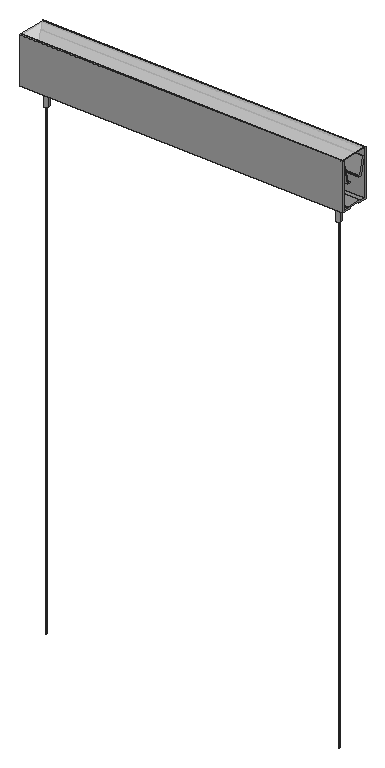
Revit family "2093159 Sylvania Lighting Fixture MC2 0-6M 3K DALI WHT OPAL", category Lighting Fixtures, host Face, Revit 2016
Family settings
  Host = Face
  Part Type = Normal
  Round Connector Dimension = Use Diameter
  OmniClass Number = 23.80.70.11.17
  OmniClass Title = Specialized Lighting by Location or Use
  Cut with Voids When Loaded = No
  Light Source = Yes
  Shared = No
  Room Calculation Point = No
Parameters (values of type "2093159 MC2 0.6M 3K DALI WHT OPAL")
  Width_SYL = 54.0 mm
  Weight = "1.5 kg"
  Wattage = 10 W
  WarrantyStartDate [instance] = "n/a"
  WarrantyGuarantorParts = "n/a"
  WarrantyDurationUnit = "n/a"
  WarrantyDurationParts = "n/a"
  WarrantyDescription = "n/a"
  built-in parameter 1150110 = 1 (stored number, unit not read)
  Voltage = 0 V
  URL = "http://www.sylvania-lighting.com"
  TypeName = "MC2 0.6M 3K DALI WHT OPAL"
  built-in parameter 1114217 = 1 (stored number, unit not read)
  Tilt Angle = -90.00°
  built-in parameter 1150109 = 1 (stored number, unit not read)
  built-in parameter 1150134 = (empty or 0)
  built-in parameter 1150113 = 1 (stored number, unit not read)
  SerialNumber [instance] = "n/a"
  PowerFactor = 0.95
  PowerConsumption = "10 W"
  NominalWidth = 0.0 mm
  NominalLength = 600.0 mm
  NominalHeight = 86.0 mm
  Name = "MC2 0.6M 3K DALI WHT OPAL"
  ModelReference = "MC2 0.6M 3K DALI WHT OPAL"
  ModelNumber = "2093159"
  Material_3_SYL = Metal_Sylvania_Mini Contiuum II_Silver
  Photometric Web File = "2093159.ies"
  Material_4_SYL = Metal_Sylvania_Mini Contiuum II_Silver
  MountingHeight_SYL [instance] = 1000.0 mm
  Material = "aluminium housing, polycarbonate diffuser"
  ManufacturerName = "Feilo Sylvania"
  LuminousEfficacy = "109 lm/W"
  LuminaireType = ""
  LightOutputRatio = "100"
  Length_SYL = 600.0 mm
  LampsType = Lamp  # "LED"
  LampNominalLuminous = "1085 lm"
  LampMacAdamStep = "3"
  LampColourTemperature = "3000 K"
  LampColourRenderingIndex = "80"
  Keynote = "16500"
  InstallationDate [instance] = "n/a"
  InputVoltage = "n/a"
  InputNominalFrequency = "n/a"
  IngressProtection = "IP20"
  ImpactProtectionIndex = "n/a"
  IfcExportType = "IfcLightFixtureType"
  IfcExportAs = "IfcLightFixtureType"
  Height_SYL = 86.0 mm
  ExpectedLife = 50000
  EndCapRight_SYL [instance] = no
  EndCapLeft_SYL [instance] = no
  Emit from Rectangle Width = Width_SYL - 2.0 mm  # 52.0 mm
  Emit from Rectangle Length = Length_SYL  # 600.0 mm
  Emit Shape Visible in Rendering = no
  ElectricShockClassification = "Class I"
  DurationUnit = "hours"
  DocumentationLiterature = "http://www.sylvania-lighting.com/product/en-int/products/2093159"
  DimmingControlOptions = "n/a"
  CreatedOn = "10/15/2018"
  CreatedBy = "@sylvania-lighting.com"
  built-in parameter 1114216 [instance] = 1 (stored number, unit not read)
  Model = "MC2 0.6M 3K DALI WHT OPAL"
  Manufacturer = "Feilo Sylvania"
  built-in parameter 1150105 = 86.739 (stored number, unit not read)
  Lumens = 1090 lm
  built-in parameter 1150115 = 1 (stored number, unit not read)
  built-in parameter 1150137 = (empty or 0)
  built-in parameter 1150139 = (empty or 0)
  built-in parameter 1150112 = 1 (stored number, unit not read)
  built-in parameter 1150114 = 1 (stored number, unit not read)
  Lamp = "LED"
  built-in parameter 1150132 = 2
  built-in parameter 1150102 = (empty or 0)
  built-in parameter 1150107 = 3000 (stored number, unit not read)
  built-in parameter 1150138 = (empty or 0)
  built-in parameter 1150106 = 0.86739 (stored number, unit not read)
  Material_1_SYL = Metal_Sylvania_Mini Continuum II_White
  built-in parameter 1150104 = 10.126 (stored number, unit not read)
  Dimming Lamp Color Temperature Shift = <None>
  Material_2_SYL = Polycarbonate_Sylvania_Mini Continuum II_Opal_4000K
  Description = "2093159   MC2 0.6M 3K DALI WHT OPAL  Continuous lines of LED light, white RAL 9016, direct distribution, extension module, trimless detail for a seamless finish, suitable for recessed, semi-recessed, surface-mounted or suspended installation either horizontally or vertically, various accessories available, compact and minimalist design based on the Golden Mean, ideal for offices, meeting rooms, corridors, education facilities, museums and libraries, extruded aluminium body, diffuser: opal, colour temperature: 3000K warm white, total system power: 10W, total fixture output: 1085lm, luminaire efficacy: 109lm/W, LOR: 100%, colour rendering: Ra >80, LED Chromacity: 1 step MacAdam ellipse, lifetime: 60,000 hours at 90% of the original output (L90), energy class: A++, A+, A, IR/UV free light source without heat radiation, operating voltage: 220-240V / 50-60Hz, drive current: 400mA, electronic driver, DALI dimmable, electrical protection: CLASS I, IP20, suitable for internal environment only."
  Default Elevation = 0.0 mm
  Color Filter = 16777215
  built-in parameter 1140040 [instance] = 1
  BarCode [instance] = "n/a"
  built-in parameter 1114218 = 1 (stored number, unit not read)
  built-in parameter 1150133 = 10 (stored number, unit not read)
  AssetType = "Fixed"
  AssetIdentifier [instance] = "n/a"
  Assembly Code = "D5020200"
  Apparent Load = 10 VA
Reference planes
  plane 1 "Center (Front/Back)": y = 0
  plane 2 "Bottom Fixtures": z = 0
  plane 3 "Center (Left/Right)": x = 0
  plane 4 "Fixture Left": x = -300
  plane 5 "Fixture Right": x = 300
  plane 6 "Fixture Bottom": z = 1000
  plane 7: z = 998
  plane 8: z = 996
  plane 9: z = 986.951
  plane 10: z = 956.951
  plane 11 "Fixture Top": z = 914
  plane 12 "Mounting Right": x = 272
  plane 13 "Mounting Left": x = -272
  plane 14: z = 879
  plane 15: y = 27
  plane 16: y = -27
  plane 17: y = -26
  plane 18: y = -25
  plane 19: y = 26
  plane 20: y = 25
  plane 21: y = 11
  plane 22: y = -11
  plane 23: y = 24
  plane 24: y = 22
  plane 25: y = -22
  plane 26: y = 15
  plane 27: y = -15
  plane 28 "Upper Diffuser Left": x = -150
  plane 29 "Upper Diffuser Right": x = 150
  plane 30: x = -302
  plane 31: x = 302
Forms (mm)
  Extrusion 1, solid, material "Metal_Sylvania_Mini Continuum II_White" <- "Material_1_SYL", detail levels fine
    sketch origin (0, 0, 520) x (0, 1, 0) y (0, 0, 1)
      loop
        line (27, 480) -> (26, 480) -> (26, 478) -> (25, 478) -> (25, 396) -> (13, 396) -> (13, 398) -> (-13, 398) -> (-13, 396) -> (-25, 396) -> (-25, 478) -> (-26, 478) -> (-26, 480) -> (-27, 480) -> (-27, 394) -> (-11, 394) -> (-11, 396) -> (11, 396) -> (11, 394) -> (27, 394) -> (27, 480)
    from -300 to 300
  Extrusion 2, solid, material "Polycarbonate_Sylvania_Mini Continuum II_Opal_4000K" <- "Material_2_SYL", detail levels fine
    sketch origin (0, 0, 520) x (0, 1, 0) y (0, 0, 1)
      loop
        line (-26, 480) -> (-26, 478) -> (26, 478) -> (26, 480) -> (-26, 480)
    from -300 to 300
  Extrusion 3, solid, material "Metal_Sylvania_Mini Contiuum II_Silver" <- "Material_3_SYL", detail levels fine
    sketch origin (0, 0, 520) x (0, 1, 0) y (0, 0, 1)
      loop
        line (22, 466.951) -> (20.973, 466.951) -> (14.206, 437.951) -> (11, 437.951) -> (11, 436.951) -> (15, 436.951) -> (22, 466.951)
      loop
        line (-15, 436.951) -> (-11, 436.951) -> (-11, 437.951) -> (-14.206, 437.951) -> (-20.973, 466.951) -> (-22, 466.951) -> (-15, 436.951)
    from -300 to 300
  Extrusion 4, solid, material "Metal_Sylvania_Mini Continuum II_White" <- "Material_1_SYL", detail levels coarse+medium
    sketch origin (0, 0, 520) x (0, 1, 0) y (0, 0, 1)
      loop
        line (-27, 480) -> (-27, 394) -> (27, 394) -> (27, 480) -> (-27, 480)
    from -300 to 300
  Extrusion 5, solid, material "Metal_Sylvania_Mini Contiuum II_Silver" <- "Material_4_SYL", detail levels fine
    sketch origin (0, 0, -86) x (-1, 0, 0) y (0, -1, 0)
      loop
        circle (272, 0) r 4
      loop
        circle (-272, 0) r 4
    from 965 to 1002
  Extrusion 6, solid, material "Metal_Sylvania_Mini Contiuum II_Silver" <- "Material_4_SYL", detail levels fine
    sketch origin (0, 0, -86) x (-1, 0, 0) y (0, -1, 0)
      loop
        circle (-272, 0) r 1
      loop
        circle (272, 0) r 1
    from 86 to 965
  Extrusion 7, solid, material "Metal_Sylvania_Mini Continuum II_White" <- "Material_1_SYL", visible <- "EndCapLeft_SYL"
    sketch origin (-300, 171.684, 1219.2) x (0, 1, 0) y (0, 0, 1)
      loop
        line (-198.684, -305.2) -> (-144.684, -305.2) -> (-144.684, -219.2) -> (-198.684, -219.2) -> (-198.684, -305.2)
    from 0 to -2
  Extrusion 8, solid, material "Metal_Sylvania_Mini Continuum II_White" <- "Material_1_SYL", visible <- "EndCapRight_SYL"
    sketch origin (300, 171.684, 1219.2) x (0, 1, 0) y (0, 0, -1)
      loop
        line (-144.684, 219.2) -> (-144.684, 305.2) -> (-198.684, 305.2) -> (-198.684, 219.2) -> (-144.684, 219.2)
    from 0 to -2
Lines and regions (mm)
  Masking region 1
    outline origin (0, 0, -86) x (-1, 0, 0) y (0, -1, 0)
      loop
        line (300, -27) -> (300, 27) -> (-300, 27) -> (-300, -27) -> (300, -27)
  symbolic lines, detail levels fine
    curve 1: line (-300, 26, -86) -> (300, 26, -86)
    curve 2: line (-300, -26, -86) -> (300, -26, -86)
  model lines, detail levels coarse+medium
    curve 3: line (-272, 0, 914) -> (-272, 0, 0)
    curve 4: line (272, 0, 914) -> (272, 0, 0)
Dimensions and locks
  host sketch curve to plane 3 "Center (Left/Right)" to host sketch curve = 820.0 mm, 775.047 mm
  equal spacing: plane 4 "Fixture Left", plane 3 "Center (Left/Right)", plane 5 "Fixture Right"
  "Length_SYL": plane 4 "Fixture Left" to plane 5 "Fixture Right"
  plane 6 "Fixture Bottom" to plane 7 to plane 8 to plane 9 to plane 10 = 2.0 mm locked, 2.0 mm locked, 9.049 mm locked, 30.0 mm locked
  locked: Extrusion 1 sketch curve to Extrusion 1 sketch curve at 2
  locked: Extrusion 1 sketch curve to plane 11 "Fixture Top" at 2
  "Height_SYL": plane 6 "Fixture Bottom" to plane 11 "Fixture Top"
  locked: plane 12 "Mounting Right" to plane 5 "Fixture Right" at 28
  locked: plane 4 "Fixture Left" to plane 13 "Mounting Left" at 28
  locked: plane 11 "Fixture Top" to plane 14 at 35
  "MountingHeight_SYL": plane 6 "Fixture Bottom" to plane 2 "Bottom Fixtures"
  equal spacing: plane 15, plane 1 "Center (Front/Back)", plane 16
  "Width_SYL": plane 15 to plane 16
  plane 22 to plane 27 to plane 25 to plane 18 to plane 17 to plane 16 = 4.0 mm locked, 7.0 mm locked, 3.0 mm locked, 1.0 mm locked, 1.0 mm locked
  plane 15 to plane 19 to plane 20 to plane 23 to plane 24 to plane 26 to plane 21 = 1.0 mm locked, 1.0 mm locked, 1.0 mm locked, 2.0 mm locked, 7.0 mm locked, 4.0 mm locked
  locked: plane 4 "Fixture Left" to plane 28 "Upper Diffuser Left" at 150
  locked: plane 29 "Upper Diffuser Right" to plane 5 "Fixture Right" at 150
  equal spacing: plane 30, plane 3 "Center (Left/Right)", plane 31
  locked: plane 30 to plane 4 "Fixture Left" at 2
  aligned and locked: plane 2 "Bottom Fixtures" to host face
  aligned and locked: level to host face
  aligned and locked: plane 5 "Fixture Right" to curve 1
  aligned and locked: plane 4 "Fixture Left" to curve 1
  aligned and locked: plane 4 "Fixture Left" to curve 2
  aligned and locked: plane 5 "Fixture Right" to curve 2
  aligned and locked: Extrusion 1 sketch curve to plane 7
  aligned and locked: plane 6 "Fixture Bottom" to Extrusion 1 sketch curve  (x2)
  aligned and locked: plane 7 to Extrusion 1 sketch curve
  aligned and locked: Extrusion 1 to Extrusion 2 sketch curve
  aligned and locked: Extrusion 2 sketch curve to Extrusion 1  (x3)
  aligned and locked: Extrusion 3 sketch curve to plane 10
  aligned and locked: plane 9 to Extrusion 3 sketch curve
  aligned and locked: Extrusion 3 sketch curve to plane 9
  aligned and locked: Extrusion 4 sketch curve to plane 6 "Fixture Bottom"
  aligned and locked: Extrusion 4 to plane 4 "Fixture Left"
  aligned and locked: Extrusion 2 to plane 4 "Fixture Left"
  aligned and locked: Extrusion 3 to plane 4 "Fixture Left"
  aligned and locked: Extrusion 1 to plane 4 "Fixture Left"
  aligned and locked: Extrusion 4 to plane 5 "Fixture Right"
  aligned and locked: Extrusion 2 to plane 5 "Fixture Right"
  aligned and locked: Extrusion 3 to plane 5 "Fixture Right"
  aligned and locked: Extrusion 1 to plane 5 "Fixture Right"
  aligned and locked: plane 11 "Fixture Top" to Extrusion 4 sketch curve
  aligned and locked: Extrusion 1 sketch curve to plane 11 "Fixture Top"  (x2)
  aligned and locked: Extrusion 1 sketch curve to Extrusion 1 sketch curve
  aligned and locked: plane 6 "Fixture Bottom" to imposter light
  aligned and locked: plane 11 "Fixture Top" to curve 3
  aligned and locked: plane 2 "Bottom Fixtures" to curve 3
  aligned and locked: plane 11 "Fixture Top" to curve 4
  aligned and locked: plane 2 "Bottom Fixtures" to curve 4
  aligned and locked: curve 4 to plane 12 "Mounting Right"
  aligned and locked: curve 3 to plane 13 "Mounting Left"
  aligned and locked: Extrusion 5 to Extrusion 1
  aligned and locked: Extrusion 5 to plane 14
  aligned and locked: plane 14 to Extrusion 6
  aligned and locked: Extrusion 6 to level
  aligned and locked: plane 21 to Extrusion 3 sketch curve
  aligned and locked: Extrusion 3 sketch curve to plane 22
  aligned and locked: Extrusion 7 sketch curve to Extrusion 4  (x4)
  aligned and locked: Extrusion 7 to plane 30
  aligned and locked: plane 4 "Fixture Left" to Extrusion 7
  aligned and locked: Extrusion 8 sketch curve to Extrusion 4  (x4)
  aligned and locked: plane 31 to Extrusion 8
  aligned and locked: plane 5 "Fixture Right" to Extrusion 8
Automatic sketch dimensions
  host sketch curve to host sketch curve = 1047.463 mm
  plane 19 to curve 1 = 0.0 mm
  curve 2 to plane 17 = 0.0 mm
  Masking region 1 sketch curve to plane 5 "Fixture Right" = 0.0 mm
  Masking region 1 sketch curve to plane 4 "Fixture Left" = 0.0 mm
  plane 15 to Masking region 1 sketch curve = 0.0 mm
  Masking region 1 sketch curve to plane 16 = 0.0 mm
  Extrusion 1 sketch curve to plane 16 = 0.0 mm
  Extrusion 1 sketch curve to plane 17 = 0.0 mm
  Extrusion 1 sketch curve to plane 18 = 0.0 mm
  Extrusion 1 sketch curve to plane 22 = 0.0 mm
  Extrusion 1 sketch curve to plane 21 = 0.0 mm
  Extrusion 1 sketch curve to plane 20 = 0.0 mm
  Extrusion 1 sketch curve to plane 19 = 0.0 mm
  Extrusion 1 sketch curve to plane 15 = 0.0 mm
  plane 11 "Fixture Top" to Extrusion 1 sketch curve = 2.0 mm
  Extrusion 1 sketch curve to plane 22 = 2.0 mm
  Extrusion 1 sketch curve to plane 21 = 2.0 mm
  Extrusion 3 sketch curve to plane 25 = 0.0 mm
  Extrusion 3 sketch curve to plane 27 = 0.0 mm
  Extrusion 3 sketch curve to plane 26 = 0.0 mm
  Extrusion 3 sketch curve to plane 24 = 0.0 mm
  plane 10 to Extrusion 3 sketch curve = 1.0 mm
  Extrusion 3 sketch curve to Extrusion 3 sketch curve = 1.027 mm
  plane 27 to Extrusion 3 sketch curve = 0.794 mm
  plane 26 to Extrusion 3 sketch curve = 0.794 mm
  plane 24 to Extrusion 3 sketch curve = 1.027 mm
  Extrusion 4 sketch curve to plane 16 = 0.0 mm
  Extrusion 4 sketch curve to plane 15 = 0.0 mm
  plane 1 "Center (Front/Back)" to Extrusion 5 sketch curve = 0.0 mm  (x2)
  Extrusion 5 sketch curve to plane 12 "Mounting Right" = 0.0 mm
  Extrusion 5 sketch curve to plane 13 "Mounting Left" = 0.0 mm
  plane 1 "Center (Front/Back)" to Extrusion 6 sketch curve = 0.0 mm  (x2)
  Extrusion 6 sketch curve to plane 12 "Mounting Right" = 0.0 mm
  Extrusion 6 sketch curve to plane 13 "Mounting Left" = 0.0 mm
  Extrusion 3 sketch curve to Extrusion 3 sketch curve = 0.0 mm
  Extrusion 3 sketch curve to plane 10 = 0.0 mm
  radius of Extrusion 5 sketch curve = 4.0 mm  (x2)
  radius of Extrusion 6 sketch curve = 1.0 mm  (x2)
Connectors
  electrical at (300, 0, 949), driven by "Apparent Load"
    settings: on Extrusion 1, index 1, voltage 230 V, apparent load 0 VA, apparent load phase1 10 VA, apparent load phase2 0 VA, apparent load phase3 0 VA, power factor 1, load classification "Lighting", number of poles 1, system type 31, power factor state 1, is connector primary yes, connector utility no, sub classification motor no, connector description ""
